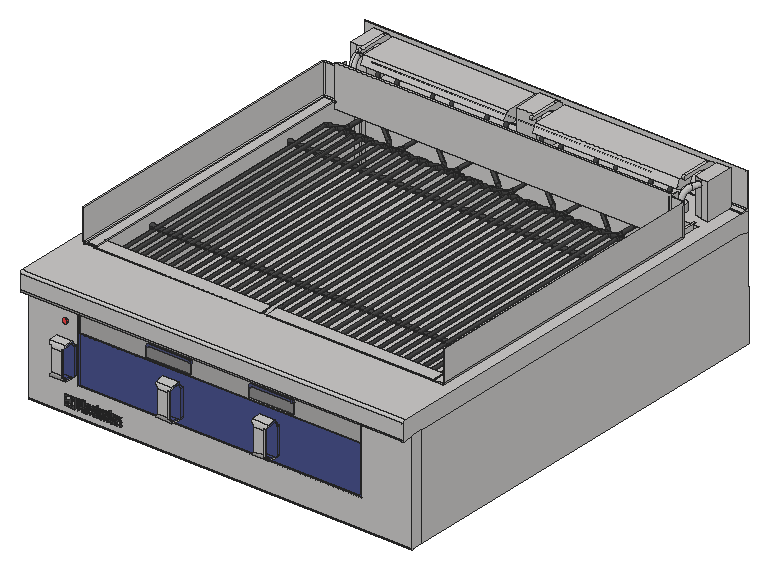
Revit family "QF_ELECTROLUXPROFESSIONAL_589287_MCDEABHOIO", category Specialty Equipment, Revit 2018 (continued)
Automatic sketch dimensions
  plane 3 "LEFT" to Extrusion 5 sketch curve = 26.557 mm
  Extrusion 5 sketch curve to plane 15 "EI_y" = 17.443 mm
  Extrusion 5 sketch curve to plane 9 "Grill" = 31.166 mm
  plane 6 "PLAIN" to Extrusion 5 sketch curve = 5 mm
  Extrusion 6 sketch curve to plane 10 "MontanteBack" = 21.067 mm
  Extrusion 6 sketch curve to plane 13 "TOP" = 19.001 mm
  Sweep 7 sketch curve to plane 12 "BASE" = 0 mm
  plane 4 "RIGHT" to Sweep 7 sketch curve = 2 mm
  plane 3 "LEFT" to Sweep 7 sketch curve = 2 mm
  Sweep 7 sketch curve to plane 9 "Grill" = 25.031 mm
  Sweep 7 sketch curve to plane 9 "Grill" = 25 mm
  Sweep 7 sketch curve to profile plane = 0 mm
  Sweep 7 sketch curve to profile plane = 24.981 mm
  Sweep 7 sketch curve to Sweep 7 sketch curve = 2.981 mm
  Sweep 7 sketch curve to profile plane = 3 mm
  profile plane to Sweep 7 sketch curve = 22 mm
  Sweep 7 sketch curve to Sweep 7 sketch curve = 3.019 mm
  Sweep 7 sketch curve to Sweep 7 sketch curve = 22 mm  (x2)
  plane 15 "EI_y" to Extrusion 8 sketch curve = 3.348 mm
  plane 14 "EI_x" to Extrusion 8 sketch curve = 79 mm
  plane 14 "EI_x" to Extrusion 8 sketch curve = 74.991 mm
  plane 3 "LEFT" to Extrusion 8 sketch curve = 26.557 mm
  plane 10 "MontanteBack" to Extrusion 8 sketch curve = 71.621 mm  (x2)
  Extrusion 8 sketch curve to plane 15 "EI_y" = 16.548 mm
  Extrusion 8 sketch curve to Extrusion 8 sketch curve = 0.895 mm  (x2)
  Extrusion 8 sketch curve to Extrusion 8 sketch curve = 19.896 mm
  Extrusion 9 sketch curve to plane 9 "Grill" = 10.268 mm  (x2)
  Extrusion 9 sketch curve to plane 14 "EI_x" = 67.414 mm
  plane 10 "MontanteBack" to Extrusion 9 sketch curve = 187.586 mm
  Extrusion 10 sketch curve to plane 1 "BACK" = 0 mm  (x2)
  Extrusion 10 sketch curve to plane 12 "BASE" = 0 mm
  plane 1 "BACK" to Extrusion 10 sketch curve = 4 mm
  Extrusion 10 sketch curve to Extrusion 10 sketch curve = 0.695 mm
  Extrusion 10 sketch curve to Extrusion 10 sketch curve = 16.495 mm
  Extrusion 10 sketch curve to plane 5 "FRONT" = 46 mm
  Extrusion 10 sketch curve to plane 9 "Grill" = 27.939 mm
  Extrusion 10 sketch curve to Extrusion 10 sketch curve = 2.909 mm
  Extrusion 10 sketch curve to Extrusion 10 sketch curve = 0 mm
  Extrusion 11 sketch curve to plane 12 "BASE" = 0 mm
  Extrusion 11 sketch curve to plane 1 "BACK" = 0 mm  (x2)
  Extrusion 11 sketch curve to Extrusion 11 sketch curve = 2 mm  (x2)
  Extrusion 11 sketch curve to plane 9 "Grill" = 27.464 mm
  Extrusion 11 sketch curve to Extrusion 11 sketch curve = 0 mm
  Extrusion 12 sketch curve to plane 12 "BASE" = 0 mm
  Extrusion 12 sketch curve to plane 1 "BACK" = 0 mm  (x2)
  plane 1 "BACK" to Extrusion 12 sketch curve = 4 mm
  Extrusion 12 sketch curve to Extrusion 12 sketch curve = 0.695 mm
  Extrusion 12 sketch curve to Extrusion 12 sketch curve = 16.495 mm
  Extrusion 12 sketch curve to plane 5 "FRONT" = 46 mm
  Extrusion 12 sketch curve to plane 9 "Grill" = 27.939 mm
  Extrusion 12 sketch curve to Extrusion 12 sketch curve = 2.909 mm
  Extrusion 12 sketch curve to Extrusion 12 sketch curve = 0 mm
  plane 10 "MontanteBack" to Extrusion 13 sketch curve = 1.433 mm
  Extrusion 13 sketch curve to plane 10 "MontanteBack" = 3.46 mm
  plane 1 "BACK" to Extrusion 13 sketch curve = 11.433 mm
  plane 3 "LEFT" to Extrusion 13 sketch curve = 56.495 mm
  Extrusion 13 sketch curve to Extrusion 13 sketch curve = 16.004 mm
  plane 3 "LEFT" to Extrusion 13 sketch curve = 26.495 mm
  Extrusion 14 sketch curve to plane 13 "TOP" = 0 mm
  Extrusion 14 sketch curve to plane 13 "TOP" = 14.774 mm
  plane 10 "MontanteBack" to Extrusion 14 sketch curve = 30 mm
  Extrusion 14 sketch curve to Extrusion 14 sketch curve = 8.529 mm
  plane 10 "MontanteBack" to Extrusion 14 sketch curve = 9.471 mm
  plane 1 "BACK" to Extrusion 14 sketch curve = 33.395 mm
  plane 1 "BACK" to Extrusion 14 sketch curve = 16.433 mm
  Extrusion 14 sketch curve to Extrusion 14 sketch curve = 16.833 mm
  Extrusion 15 sketch curve to Extrusion 15 sketch curve = 0 mm  (x28)
  plane 3 "LEFT" to Extrusion 15 sketch curve = 77.595 mm
  Extrusion 15 sketch curve to Extrusion 15 sketch curve = 0.739 mm
  Extrusion 15 sketch curve to Extrusion 15 sketch curve = 3.518 mm  (x2)
  Extrusion 15 sketch curve to Extrusion 15 sketch curve = 3.22 mm
  Extrusion 15 sketch curve to Extrusion 15 sketch curve = 6.738 mm
  Extrusion 15 sketch curve to Extrusion 15 sketch curve = 0.042 mm
  Extrusion 15 sketch curve to Extrusion 15 sketch curve = 0.215 mm
  Extrusion 15 sketch curve to Extrusion 15 sketch curve = 9.216 mm
  Extrusion 15 sketch curve to Extrusion 15 sketch curve = 2.037 mm
  Extrusion 15 sketch curve to Extrusion 15 sketch curve = 0.99 mm
  Extrusion 15 sketch curve to Extrusion 15 sketch curve = 7.939 mm
  Extrusion 15 sketch curve to Extrusion 15 sketch curve = 5.283 mm
  Extrusion 15 sketch curve to Extrusion 15 sketch curve = 5.807 mm
  Extrusion 15 sketch curve to Extrusion 15 sketch curve = 1.023 mm  (x7)
  Extrusion 15 sketch curve to Extrusion 15 sketch curve = 0.853 mm
  Extrusion 15 sketch curve to Extrusion 15 sketch curve = 0.041 mm  (x2)
  Extrusion 15 sketch curve to Extrusion 15 sketch curve = 2.477 mm
  Extrusion 15 sketch curve to Extrusion 15 sketch curve = 2.478 mm  (x2)
  plane 12 "BASE" to Extrusion 15 sketch curve = 25.026 mm
  Extrusion 15 sketch curve to Extrusion 15 sketch curve = 2.138 mm
  plane 12 "BASE" to Extrusion 15 sketch curve = 24.956 mm
  Extrusion 15 sketch curve to Extrusion 15 sketch curve = 0.973 mm
  plane 12 "BASE" to Extrusion 15 sketch curve = 27.285 mm
  Extrusion 15 sketch curve to Extrusion 15 sketch curve = 0.021 mm
  Extrusion 15 sketch curve to Extrusion 15 sketch curve = 2.746 mm
  Extrusion 15 sketch curve to Extrusion 15 sketch curve = 4.005 mm
  Extrusion 15 sketch curve to Extrusion 15 sketch curve = 0.386 mm
  plane 12 "BASE" to Extrusion 15 sketch curve = 19.343 mm
  Extrusion 15 sketch curve to Extrusion 15 sketch curve = 0.781 mm
  Extrusion 15 sketch curve to Extrusion 15 sketch curve = 0.558 mm
  Extrusion 15 sketch curve to Extrusion 15 sketch curve = 0.839 mm
  Extrusion 15 sketch curve to Extrusion 15 sketch curve = 0.069 mm
  Extrusion 15 sketch curve to Extrusion 15 sketch curve = 0.09 mm
  Extrusion 15 sketch curve to Extrusion 15 sketch curve = 0.106 mm  (x2)
  plane 12 "BASE" to Extrusion 15 sketch curve = 19.677 mm
  Extrusion 15 sketch curve to Extrusion 15 sketch curve = 0.948 mm
  plane 12 "BASE" to Extrusion 15 sketch curve = 17.711 mm  (x5)
  Extrusion 15 sketch curve to Extrusion 15 sketch curve = 1.762 mm
  Extrusion 15 sketch curve to Extrusion 15 sketch curve = 1.933 mm
  Extrusion 15 sketch curve to Extrusion 15 sketch curve = 1.161 mm
  plane 12 "BASE" to Extrusion 15 sketch curve = 30.131 mm
  Extrusion 15 sketch curve to Extrusion 15 sketch curve = 4.066 mm
  Extrusion 15 sketch curve to Extrusion 15 sketch curve = 2.511 mm
  plane 12 "BASE" to Extrusion 15 sketch curve = 31.294 mm
  Extrusion 15 sketch curve to Extrusion 15 sketch curve = 0.062 mm  (x3)
  Extrusion 15 sketch curve to Extrusion 15 sketch curve = 4.223 mm
  plane 12 "BASE" to Extrusion 15 sketch curve = 33.576 mm
  Extrusion 15 sketch curve to Extrusion 15 sketch curve = 2.946 mm  (x2)
  plane 12 "BASE" to Extrusion 15 sketch curve = 35.692 mm
  plane 12 "BASE" to Extrusion 15 sketch curve = 24.696 mm
  plane 12 "BASE" to Extrusion 15 sketch curve = 26.812 mm
  Extrusion 15 sketch curve to Extrusion 15 sketch curve = 0.083 mm
  Extrusion 15 sketch curve to Extrusion 15 sketch curve = 2.635 mm
  plane 12 "BASE" to Extrusion 15 sketch curve = 28.016 mm
  Extrusion 15 sketch curve to Extrusion 15 sketch curve = 2.822 mm
  Extrusion 15 sketch curve to Extrusion 15 sketch curve = 6.865 mm  (x2)
  plane 12 "BASE" to Extrusion 15 sketch curve = 26.563 mm
  Extrusion 15 sketch curve to Extrusion 15 sketch curve = 1.494 mm  (x2)
  plane 12 "BASE" to Extrusion 15 sketch curve = 29.551 mm
  Extrusion 15 sketch curve to Extrusion 15 sketch curve = 2.158 mm
  plane 12 "BASE" to Extrusion 15 sketch curve = 30.422 mm
  plane 12 "BASE" to Extrusion 15 sketch curve = 30.194 mm  (x2)
  Extrusion 15 sketch curve to Extrusion 15 sketch curve = 1.28 mm
  Extrusion 15 sketch curve to Extrusion 15 sketch curve = 1.873 mm
  Extrusion 15 sketch curve to Extrusion 15 sketch curve = 0.18 mm
  Extrusion 15 sketch curve to Extrusion 15 sketch curve = 2.469 mm
  Extrusion 15 sketch curve to Extrusion 15 sketch curve = 4.222 mm
  plane 12 "BASE" to Extrusion 15 sketch curve = 26.916 mm
  Extrusion 15 sketch curve to Extrusion 15 sketch curve = 0.851 mm  (x2)
  plane 12 "BASE" to Extrusion 15 sketch curve = 35.734 mm
  Extrusion 15 sketch curve to Extrusion 15 sketch curve = 3.216 mm
  plane 12 "BASE" to Extrusion 15 sketch curve = 33.472 mm
  plane 12 "BASE" to Extrusion 15 sketch curve = 24.654 mm
  Extrusion 15 sketch curve to Extrusion 15 sketch curve = 0.569 mm
  Extrusion 15 sketch curve to Extrusion 15 sketch curve = 0.206 mm  (x2)
  Extrusion 15 sketch curve to Extrusion 15 sketch curve = 1.215 mm
  Extrusion 15 sketch curve to Extrusion 15 sketch curve = 0.138 mm
  Extrusion 15 sketch curve to Extrusion 15 sketch curve = 1.402 mm
  plane 12 "BASE" to Extrusion 15 sketch curve = 28.057 mm
  Extrusion 15 sketch curve to Extrusion 15 sketch curve = 2.656 mm  (x2)
  plane 12 "BASE" to Extrusion 15 sketch curve = 32.331 mm
  plane 12 "BASE" to Extrusion 15 sketch curve = 33.929 mm
  Extrusion 15 sketch curve to Extrusion 15 sketch curve = 1.535 mm  (x2)
  plane 12 "BASE" to Extrusion 15 sketch curve = 26.46 mm
  Extrusion 15 sketch curve to Extrusion 15 sketch curve = 2.417 mm
  Extrusion 15 sketch curve to Extrusion 15 sketch curve = 1.543 mm
  Extrusion 15 sketch curve to Extrusion 15 sketch curve = 1.389 mm  (x2)
  plane 12 "BASE" to Extrusion 15 sketch curve = 18.839 mm  (x2)
  Extrusion 15 sketch curve to Extrusion 15 sketch curve = 0.126 mm  (x2)
  plane 12 "BASE" to Extrusion 15 sketch curve = 19.329 mm  (x2)
  Extrusion 15 sketch curve to Extrusion 15 sketch curve = 0.782 mm  (x3)
  Extrusion 15 sketch curve to Extrusion 15 sketch curve = 0.58 mm  (x2)
  Extrusion 15 sketch curve to Extrusion 15 sketch curve = 0.975 mm  (x2)
  Extrusion 15 sketch curve to Extrusion 15 sketch curve = 0.016 mm  (x2)
  Extrusion 15 sketch curve to Extrusion 15 sketch curve = 0.427 mm  (x2)
  Extrusion 15 sketch curve to Extrusion 15 sketch curve = 0.009 mm  (x6)
  Extrusion 15 sketch curve to Extrusion 15 sketch curve = 0.094 mm  (x2)
  plane 12 "BASE" to Extrusion 15 sketch curve = 29.439 mm
  Extrusion 15 sketch curve to Extrusion 15 sketch curve = 2.475 mm
  Extrusion 15 sketch curve to Extrusion 15 sketch curve = 0.003 mm
  Extrusion 15 sketch curve to Extrusion 15 sketch curve = 0.093 mm  (x2)
  Extrusion 15 sketch curve to Extrusion 15 sketch curve = 0.13 mm  (x2)
  Extrusion 15 sketch curve to Extrusion 15 sketch curve = 0.007 mm  (x2)
  Extrusion 15 sketch curve to Extrusion 15 sketch curve = 0.045 mm  (x2)
  Extrusion 15 sketch curve to Extrusion 15 sketch curve = 0.305 mm  (x2)
  Extrusion 15 sketch curve to Extrusion 15 sketch curve = 0.12 mm  (x2)
  Extrusion 15 sketch curve to Extrusion 15 sketch curve = 0.209 mm  (x2)
  Extrusion 15 sketch curve to Extrusion 15 sketch curve = 0.236 mm  (x2)
  plane 12 "BASE" to Extrusion 15 sketch curve = 21.383 mm  (x2)
  Extrusion 15 sketch curve to Extrusion 15 sketch curve = 0.432 mm  (x2)
  plane 12 "BASE" to Extrusion 15 sketch curve = 25 mm
  Extrusion 15 sketch curve to Extrusion 15 sketch curve = 1.08 mm
  plane 12 "BASE" to Extrusion 15 sketch curve = 21.887 mm  (x2)
  Extrusion 15 sketch curve to Extrusion 15 sketch curve = 0.735 mm  (x2)
  Extrusion 15 sketch curve to Extrusion 15 sketch curve = 2.254 mm
  plane 12 "BASE" to Extrusion 15 sketch curve = 24.953 mm  (x2)
  Extrusion 15 sketch curve to Extrusion 15 sketch curve = 1.046 mm
  plane 12 "BASE" to Extrusion 15 sketch curve = 27.282 mm
  Extrusion 15 sketch curve to Extrusion 15 sketch curve = 6.129 mm
  Extrusion 15 sketch curve to Extrusion 15 sketch curve = 2.048 mm
  plane 12 "BASE" to Extrusion 15 sketch curve = 33.815 mm
  Extrusion 15 sketch curve to Extrusion 15 sketch curve = 2.458 mm  (x3)
  plane 12 "BASE" to Extrusion 15 sketch curve = 33.215 mm
  Extrusion 15 sketch curve to Extrusion 15 sketch curve = 2.809 mm
  Extrusion 15 sketch curve to Extrusion 15 sketch curve = 1.033 mm
  plane 12 "BASE" to Extrusion 15 sketch curve = 30.158 mm  (x4)
  Extrusion 15 sketch curve to Extrusion 15 sketch curve = 0.379 mm
  Extrusion 15 sketch curve to Extrusion 15 sketch curve = 2.459 mm
  Extrusion 15 sketch curve to Extrusion 15 sketch curve = 4.456 mm
  plane 12 "BASE" to Extrusion 15 sketch curve = 35.672 mm
  Extrusion 15 sketch curve to Extrusion 15 sketch curve = 6.06 mm
  plane 12 "BASE" to Extrusion 15 sketch curve = 26.894 mm
  Extrusion 15 sketch curve to Extrusion 15 sketch curve = 3.222 mm
  plane 12 "BASE" to Extrusion 15 sketch curve = 33.421 mm
  plane 12 "BASE" to Extrusion 15 sketch curve = 24.643 mm
  Extrusion 15 sketch curve to Extrusion 15 sketch curve = 3.221 mm
  Extrusion 15 sketch curve to Extrusion 15 sketch curve = 4.766 mm
  Extrusion 15 sketch curve to Extrusion 15 sketch curve = 1.524 mm
  Extrusion 15 sketch curve to Extrusion 15 sketch curve = 2.48 mm
  Extrusion 15 sketch curve to Extrusion 15 sketch curve = 1.895 mm
  Extrusion 15 sketch curve to Extrusion 15 sketch curve = 0.995 mm  (x2)
  plane 12 "BASE" to Extrusion 15 sketch curve = 20.84 mm
  Extrusion 15 sketch curve to Extrusion 15 sketch curve = 0.039 mm  (x2)
  Extrusion 15 sketch curve to Extrusion 15 sketch curve = 2.499 mm
  Extrusion 15 sketch curve to Extrusion 15 sketch curve = 2.276 mm
  plane 12 "BASE" to Extrusion 15 sketch curve = 24.684 mm
  Extrusion 15 sketch curve to Extrusion 15 sketch curve = 0.393 mm  (x3)
  plane 12 "BASE" to Extrusion 15 sketch curve = 26.956 mm
  Extrusion 15 sketch curve to Extrusion 15 sketch curve = 0.02 mm
  plane 12 "BASE" to Extrusion 15 sketch curve = 29.311 mm
  Extrusion 15 sketch curve to Extrusion 15 sketch curve = 2.273 mm
  Extrusion 15 sketch curve to Extrusion 15 sketch curve = 4.061 mm
  Extrusion 15 sketch curve to Extrusion 15 sketch curve = 1.099 mm
  Extrusion 15 sketch curve to Extrusion 15 sketch curve = 2.498 mm
  Extrusion 15 sketch curve to Extrusion 15 sketch curve = 0.485 mm  (x2)
  plane 12 "BASE" to Extrusion 15 sketch curve = 19.806 mm
  Extrusion 15 sketch curve to Extrusion 15 sketch curve = 0.459 mm  (x4)
  Extrusion 15 sketch curve to Extrusion 15 sketch curve = 1.143 mm
  plane 12 "BASE" to Extrusion 15 sketch curve = 22.688 mm
  Extrusion 15 sketch curve to Extrusion 15 sketch curve = 0.238 mm
  plane 12 "BASE" to Extrusion 15 sketch curve = 20.827 mm
  Extrusion 15 sketch curve to Extrusion 15 sketch curve = 0.462 mm
  plane 12 "BASE" to Extrusion 15 sketch curve = 35.363 mm  (x2)
  Extrusion 15 sketch curve to Extrusion 15 sketch curve = 0.922 mm
  plane 12 "BASE" to Extrusion 15 sketch curve = 18.785 mm
  plane 12 "BASE" to Extrusion 15 sketch curve = 27.449 mm
  Extrusion 15 sketch curve to Extrusion 15 sketch curve = 1.792 mm
  plane 12 "BASE" to Extrusion 15 sketch curve = 33.256 mm
  Extrusion 15 sketch curve to Extrusion 15 sketch curve = 1.54 mm
  Extrusion 15 sketch curve to Extrusion 15 sketch curve = 0.872 mm
  Extrusion 15 sketch curve to Extrusion 15 sketch curve = 1.1 mm
  Extrusion 15 sketch curve to Extrusion 15 sketch curve = 1.145 mm
  plane 12 "BASE" to Extrusion 15 sketch curve = 30.447 mm
  Extrusion 15 sketch curve to Extrusion 15 sketch curve = 2.054 mm
  plane 12 "BASE" to Extrusion 15 sketch curve = 28.63 mm
  Extrusion 15 sketch curve to Extrusion 15 sketch curve = 1.363 mm  (x2)
  plane 12 "BASE" to Extrusion 15 sketch curve = 32.244 mm
  plane 12 "BASE" to Extrusion 15 sketch curve = 30.467 mm
  Extrusion 15 sketch curve to Extrusion 15 sketch curve = 1.364 mm
  Extrusion 15 sketch curve to Extrusion 15 sketch curve = 4.137 mm
  Extrusion 15 sketch curve to Extrusion 15 sketch curve = 2.252 mm  (x2)
  Extrusion 15 sketch curve to Extrusion 15 sketch curve = 0.127 mm
  plane 12 "BASE" to Extrusion 15 sketch curve = 28.282 mm
  Extrusion 15 sketch curve to Extrusion 15 sketch curve = 1.563 mm
  plane 12 "BASE" to Extrusion 15 sketch curve = 33.104 mm
  Extrusion 15 sketch curve to Extrusion 15 sketch curve = 1.048 mm
  Extrusion 15 sketch curve to Extrusion 15 sketch curve = 1.914 mm
  Extrusion 15 sketch curve to Extrusion 15 sketch curve = 2.706 mm
  Extrusion 15 sketch curve to Extrusion 15 sketch curve = 2.664 mm
  Extrusion 15 sketch curve to Extrusion 15 sketch curve = 7.314 mm
  Extrusion 15 sketch curve to Extrusion 15 sketch curve = 1.632 mm
  Extrusion 15 sketch curve to Extrusion 15 sketch curve = 3.648 mm  (x2)
  Extrusion 15 sketch curve to Extrusion 15 sketch curve = 3.598 mm  (x2)
  Extrusion 15 sketch curve to Extrusion 15 sketch curve = 4.176 mm
  Extrusion 15 sketch curve to Extrusion 15 sketch curve = 1.127 mm
  Extrusion 15 sketch curve to Extrusion 15 sketch curve = 3.129 mm
  Extrusion 15 sketch curve to Extrusion 15 sketch curve = 0.787 mm
  Extrusion 15 sketch curve to Extrusion 15 sketch curve = 0.856 mm
  Extrusion 15 sketch curve to Extrusion 15 sketch curve = 0.934 mm
  Extrusion 15 sketch curve to Extrusion 15 sketch curve = 0.941 mm  (x3)
  Extrusion 15 sketch curve to Extrusion 15 sketch curve = 0.537 mm  (x2)
  Extrusion 15 sketch curve to Extrusion 15 sketch curve = 0.25 mm
  Extrusion 15 sketch curve to Extrusion 15 sketch curve = 0.311 mm  (x2)
  Extrusion 15 sketch curve to Extrusion 15 sketch curve = 0.031 mm
  Extrusion 15 sketch curve to Extrusion 15 sketch curve = 1.686 mm
  Extrusion 15 sketch curve to Extrusion 15 sketch curve = 0.082 mm
  Extrusion 15 sketch curve to Extrusion 15 sketch curve = 1.753 mm
  Extrusion 15 sketch curve to Extrusion 15 sketch curve = 0.014 mm  (x2)
  Extrusion 15 sketch curve to Extrusion 15 sketch curve = 0.109 mm  (x2)
  Extrusion 15 sketch curve to Extrusion 15 sketch curve = 0.018 mm  (x2)
  Extrusion 15 sketch curve to Extrusion 15 sketch curve = 2.046 mm
  Extrusion 15 sketch curve to Extrusion 15 sketch curve = 0.827 mm
  Extrusion 15 sketch curve to Extrusion 15 sketch curve = 4.496 mm
  Extrusion 15 sketch curve to Extrusion 15 sketch curve = 4.443 mm
  Extrusion 15 sketch curve to Extrusion 15 sketch curve = 1.66 mm
  Extrusion 15 sketch curve to Extrusion 15 sketch curve = 0.631 mm  (x2)
  Extrusion 15 sketch curve to Extrusion 15 sketch curve = 1.016 mm
  Extrusion 15 sketch curve to Extrusion 15 sketch curve = 0.313 mm  (x2)
  Extrusion 15 sketch curve to Extrusion 15 sketch curve = 0.94 mm  (x3)
  Extrusion 15 sketch curve to Extrusion 15 sketch curve = 0.163 mm  (x2)
  Extrusion 15 sketch curve to Extrusion 15 sketch curve = 0.192 mm  (x2)
  Extrusion 15 sketch curve to Extrusion 15 sketch curve = 0.704 mm
  Extrusion 15 sketch curve to Extrusion 15 sketch curve = 0.686 mm
  Extrusion 15 sketch curve to Extrusion 15 sketch curve = 0.002 mm
  Extrusion 15 sketch curve to Extrusion 15 sketch curve = 0.077 mm  (x2)
  Extrusion 15 sketch curve to Extrusion 15 sketch curve = 0.164 mm  (x2)
  Extrusion 15 sketch curve to Extrusion 15 sketch curve = 0.865 mm
  Extrusion 15 sketch curve to Extrusion 15 sketch curve = 1.05 mm
  Extrusion 15 sketch curve to Extrusion 15 sketch curve = 0.337 mm  (x2)
  Extrusion 15 sketch curve to Extrusion 15 sketch curve = 4.036 mm
  Extrusion 15 sketch curve to Extrusion 15 sketch curve = 1.996 mm
  Extrusion 15 sketch curve to Extrusion 15 sketch curve = 1.955 mm
  Extrusion 15 sketch curve to Extrusion 15 sketch curve = 1.847 mm
  Extrusion 15 sketch curve to Extrusion 15 sketch curve = 2.265 mm  (x2)
  Extrusion 15 sketch curve to Extrusion 15 sketch curve = 0.004 mm  (x2)
  Extrusion 15 sketch curve to Extrusion 15 sketch curve = 0.132 mm
  Extrusion 15 sketch curve to Extrusion 15 sketch curve = 0.034 mm
  Extrusion 15 sketch curve to Extrusion 15 sketch curve = 4.131 mm
  Extrusion 15 sketch curve to Extrusion 15 sketch curve = 1.129 mm
  Extrusion 15 sketch curve to Extrusion 15 sketch curve = 0.166 mm
  Extrusion 15 sketch curve to Extrusion 15 sketch curve = 0.141 mm
  Extrusion 15 sketch curve to Extrusion 15 sketch curve = 2.155 mm
  Extrusion 15 sketch curve to Extrusion 15 sketch curve = 3.388 mm
  Extrusion 15 sketch curve to Extrusion 15 sketch curve = 1.833 mm
  Extrusion 15 sketch curve to Extrusion 15 sketch curve = 1.273 mm
  Extrusion 15 sketch curve to Extrusion 15 sketch curve = 2.637 mm
  Extrusion 15 sketch curve to Extrusion 15 sketch curve = 0.103 mm
  Extrusion 15 sketch curve to Extrusion 15 sketch curve = 3.672 mm
  Extrusion 15 sketch curve to Extrusion 15 sketch curve = 2.338 mm
  Extrusion 15 sketch curve to Extrusion 15 sketch curve = 1.548 mm
  Extrusion 15 sketch curve to Extrusion 15 sketch curve = 6.073 mm
  Extrusion 15 sketch curve to Extrusion 15 sketch curve = 2.396 mm
  Extrusion 15 sketch curve to Extrusion 15 sketch curve = 1.409 mm
  Extrusion 15 sketch curve to Extrusion 15 sketch curve = 3.403 mm
  Extrusion 15 sketch curve to Extrusion 15 sketch curve = 0.89 mm
  Extrusion 15 sketch curve to Extrusion 15 sketch curve = 2.331 mm
  Extrusion 15 sketch curve to Extrusion 15 sketch curve = 3.986 mm
  Extrusion 15 sketch curve to Extrusion 15 sketch curve = 3.987 mm
  Extrusion 15 sketch curve to Extrusion 15 sketch curve = 1.009 mm  (x2)
  Extrusion 15 sketch curve to Extrusion 15 sketch curve = 0.125 mm  (x2)
  Extrusion 15 sketch curve to Extrusion 15 sketch curve = 0.522 mm  (x2)
  Extrusion 15 sketch curve to Extrusion 15 sketch curve = 0.257 mm  (x2)
  Extrusion 15 sketch curve to Extrusion 15 sketch curve = 0.286 mm  (x2)
  Extrusion 15 sketch curve to Extrusion 15 sketch curve = 0.278 mm  (x2)
  Extrusion 15 sketch curve to Extrusion 15 sketch curve = 0.822 mm  (x2)
  Extrusion 15 sketch curve to Extrusion 15 sketch curve = 0.835 mm  (x2)
  Sweep 16 sketch curve to plane 13 "TOP" = 30.001 mm
  Sweep 16 sketch curve to plane 13 "TOP" = 11.001 mm
  Sweep 16 sketch curve to Sweep 16 sketch curve = 18 mm
  Sweep 16 sketch curve to Sweep 16 sketch curve = 4 mm
  plane 11 "SCARICO" to Sweep 16 sketch curve = 0 mm
  Sweep 16 sketch curve to profile plane = 0 mm
  Sweep 17 sketch curve to plane 13 "TOP" = 34.001 mm
  Sweep 17 sketch curve to Sweep 17 sketch curve = 13.5 mm
  plane 11 "SCARICO" to Sweep 17 sketch curve = 0 mm
  Sweep 17 sketch curve to profile plane = 0 mm
  plane 6 "PLAIN" to Extrusion 18 sketch curve = 1.152 mm
  plane 3 "LEFT" to Extrusion 18 sketch curve = 45 mm
  Extrusion 18 sketch curve to plane 7 "Center (Left/Right)" = 6.399 mm
  plane 12 "BASE" to Extrusion 18 sketch curve = 250 mm
  Extrusion 19 sketch curve to plane 6 "PLAIN" = 0 mm
  plane 3 "LEFT" to Extrusion 19 sketch curve = 81 mm
  plane 7 "Center (Left/Right)" to Extrusion 19 sketch curve = 19 mm
  plane 12 "BASE" to Extrusion 19 sketch curve = 110 mm
  Extrusion 20 sketch curve to plane 6 "PLAIN" = 0 mm
  plane 3 "LEFT" to Extrusion 20 sketch curve = 81 mm
  plane 15 "EI_y" to Extrusion 20 sketch curve = 17.557 mm
  plane 12 "BASE" to Extrusion 20 sketch curve = 110 mm
  plane 15 "EI_y" to Extrusion 21 sketch curve = 12.238 mm
  plane 10 "MontanteBack" to Extrusion 21 sketch curve = 65.726 mm
  Extrusion 21 sketch curve to Extrusion 21 sketch curve = 2.105 mm  (x2)
  plane 15 "EI_y" to Extrusion 21 sketch curve = 5.452 mm
  plane 3 "LEFT" to Extrusion 21 sketch curve = 56.238 mm
  Extrusion 21 sketch curve to Extrusion 21 sketch curve = 6.786 mm
  Extrusion 21 sketch curve to Extrusion 21 sketch curve = 0 mm  (x2)
  plane 16 to Extrusion 22 sketch curve = 0 mm
  Extrusion 22 sketch curve to plane 9 "Grill" = 0 mm  (x2)
  plane 10 "MontanteBack" to Extrusion 22 sketch curve = 99.724 mm
  Extrusion 22 sketch curve to Extrusion 22 sketch curve = 3.1 mm  (x2)
  Extrusion 22 sketch curve to Extrusion 22 sketch curve = 32.302 mm
  Extrusion 22 sketch curve to Extrusion 22 sketch curve = 4.65 mm  (x2)
  Extrusion 22 sketch curve to Extrusion 22 sketch curve = 507.382 mm
  Extrusion 22 sketch curve to Extrusion 22 sketch curve = 41.464 mm
  Extrusion 22 sketch curve to Extrusion 22 sketch curve = 2.45 mm
  Extrusion 22 sketch curve to Extrusion 22 sketch curve = 4.244 mm
  Extrusion 22 sketch curve to Extrusion 22 sketch curve = 5.369 mm  (x2)
  Extrusion 22 sketch curve to Extrusion 22 sketch curve = 41.167 mm
  Extrusion 22 sketch curve to Extrusion 22 sketch curve = 5.502 mm
  Extrusion 22 sketch curve to Extrusion 22 sketch curve = 4.788 mm
  Extrusion 22 sketch curve to Extrusion 22 sketch curve = 106.667 mm
  Extrusion 22 sketch curve to Extrusion 22 sketch curve = 87.573 mm
  Extrusion 22 sketch curve to Extrusion 22 sketch curve = 1.306 mm
  Extrusion 22 sketch curve to Extrusion 22 sketch curve = 8.054 mm
  Extrusion 22 sketch curve to Extrusion 22 sketch curve = 9.3 mm
  Extrusion 22 sketch curve to Extrusion 22 sketch curve = 39.063 mm
  Extrusion 22 sketch curve to Extrusion 22 sketch curve = 2.871 mm
  Extrusion 23 sketch curve to plane 13 "TOP" = 0 mm  (x2)
  Extrusion 23 sketch curve to plane 10 "MontanteBack" = 4.508 mm
  plane 13 "TOP" to Extrusion 23 sketch curve = 32.592 mm
  Extrusion 23 sketch curve to Extrusion 23 sketch curve = 23.633 mm
  Extrusion 23 sketch curve to Extrusion 23 sketch curve = 27.957 mm
  plane 13 "TOP" to Extrusion 24 sketch curve = 7.313 mm
  plane 10 "MontanteBack" to Extrusion 24 sketch curve = 18.546 mm
  plane 13 "TOP" to Extrusion 24 sketch curve = 1.313 mm
  Extrusion 24 sketch curve to plane 10 "MontanteBack" = 20.263 mm
  Extrusion 24 sketch curve to Extrusion 24 sketch curve = 18.304 mm
  Extrusion 24 sketch curve to plane 13 "TOP" = 7.687 mm
  Extrusion 24 sketch curve to Extrusion 24 sketch curve = 20.771 mm
  Extrusion 24 sketch curve to Extrusion 24 sketch curve = 4.193 mm
  Extrusion 24 sketch curve to Extrusion 24 sketch curve = 7.322 mm
  Extrusion 24 sketch curve to plane 13 "TOP" = 4.569 mm
  plane 1 "BACK" to Extrusion 24 sketch curve = 11.433 mm
  Extrusion 24 sketch curve to Extrusion 24 sketch curve = 13.461 mm
  Extrusion 24 sketch curve to plane 13 "TOP" = 19.001 mm
  Extrusion 24 sketch curve to Extrusion 24 sketch curve = 23.999 mm
  Extrusion 24 sketch curve to Extrusion 24 sketch curve = 8.568 mm
  Extrusion 24 sketch curve to Extrusion 24 sketch curve = 9.081 mm
  Extrusion 24 sketch curve to Extrusion 24 sketch curve = 1.291 mm
  Extrusion 26 sketch curve to Extrusion 26 sketch curve = 0 mm  (x2)
  plane 10 "MontanteBack" to Extrusion 26 sketch curve = 93.701 mm
  plane 15 "EI_y" to Extrusion 26 sketch curve = 101 mm
  plane 10 "MontanteBack" to Extrusion 27 sketch curve = 93.701 mm
  plane 15 "EI_y" to Extrusion 27 sketch curve = 101 mm
  plane 10 "MontanteBack" to Extrusion 28 sketch curve = 93.701 mm
  plane 15 "EI_y" to Extrusion 28 sketch curve = 101 mm
  plane 14 "EI_x" to Extrusion 29 sketch curve = 47.818 mm
  plane 3 "LEFT" to Extrusion 29 sketch curve = 86.446 mm
  plane 14 "EI_x" to Extrusion 30 sketch curve = 47.818 mm
  plane 3 "LEFT" to Extrusion 30 sketch curve = 86.446 mm
  plane 14 "EI_x" to Extrusion 31 sketch curve = 0 mm
  Extrusion 31 sketch curve to plane 15 "EI_y" = 0 mm
  Extrusion 32 sketch curve to Extrusion 32 sketch curve = 0 mm  (x2)
  Extrusion 32 sketch curve to plane 6 "PLAIN" = 0 mm
  Extrusion 32 sketch curve to plane 13 "TOP" = 0 mm
  Extrusion 32 sketch curve to plane 1 "BACK" = 0 mm
  Extrusion 32 sketch curve to Extrusion 32 sketch curve = 2 mm
  plane 1 "BACK" to Extrusion 32 sketch curve = 4 mm
  Extrusion 32 sketch curve to Extrusion 32 sketch curve = 12.433 mm
  Extrusion 33 sketch curve to plane 14 "EI_x" = 15 mm
  plane 15 "EI_y" to Extrusion 33 sketch curve = 157 mm
  plane 15 "EI_y" to Extrusion 34 sketch curve = 11 mm
  Extrusion 34 sketch curve to plane 8 "Center (Front/Back)" = 73 mm
  Extrusion 35 sketch curve to plane 13 "TOP" = 0 mm
  Extrusion 35 sketch curve to plane 13 "TOP" = 14.774 mm
  plane 10 "MontanteBack" to Extrusion 35 sketch curve = 30 mm
  Extrusion 35 sketch curve to Extrusion 35 sketch curve = 8.529 mm
  plane 10 "MontanteBack" to Extrusion 35 sketch curve = 9.471 mm
  plane 1 "BACK" to Extrusion 35 sketch curve = 33.395 mm
  plane 1 "BACK" to Extrusion 35 sketch curve = 16.433 mm
  Extrusion 35 sketch curve to Extrusion 35 sketch curve = 16.833 mm
  Extrusion 36 sketch curve to plane 13 "TOP" = 0 mm
  Extrusion 36 sketch curve to plane 13 "TOP" = 14.774 mm
  plane 10 "MontanteBack" to Extrusion 36 sketch curve = 30 mm
  Extrusion 36 sketch curve to Extrusion 36 sketch curve = 8.529 mm
  plane 10 "MontanteBack" to Extrusion 36 sketch curve = 9.471 mm
  plane 1 "BACK" to Extrusion 36 sketch curve = 33.395 mm
  plane 1 "BACK" to Extrusion 36 sketch curve = 16.433 mm
  Extrusion 36 sketch curve to Extrusion 36 sketch curve = 16.833 mm
  Extrusion 37 sketch curve to plane 10 "MontanteBack" = 1.433 mm
  plane 10 "MontanteBack" to Extrusion 37 sketch curve = 3.46 mm
  Extrusion 37 sketch curve to plane 1 "BACK" = 11.433 mm
  Extrusion 37 sketch curve to plane 15 "EI_y" = 12.495 mm
  plane 15 "EI_y" to Extrusion 37 sketch curve = 3.509 mm
  plane 15 "EI_y" to Extrusion 37 sketch curve = 17.505 mm
  plane 13 "TOP" to Extrusion 38 sketch curve = 7.313 mm
  plane 10 "MontanteBack" to Extrusion 38 sketch curve = 18.546 mm
  plane 13 "TOP" to Extrusion 38 sketch curve = 1.313 mm
  Extrusion 38 sketch curve to plane 10 "MontanteBack" = 20.263 mm
  Extrusion 38 sketch curve to Extrusion 38 sketch curve = 18.304 mm
  Extrusion 38 sketch curve to plane 13 "TOP" = 7.687 mm
  Extrusion 38 sketch curve to Extrusion 38 sketch curve = 20.771 mm
  Extrusion 38 sketch curve to Extrusion 38 sketch curve = 4.193 mm
  Extrusion 38 sketch curve to Extrusion 38 sketch curve = 7.322 mm
  Extrusion 38 sketch curve to plane 13 "TOP" = 4.569 mm
  plane 1 "BACK" to Extrusion 38 sketch curve = 11.433 mm
  Extrusion 38 sketch curve to Extrusion 38 sketch curve = 13.461 mm
  Extrusion 38 sketch curve to plane 13 "TOP" = 19.001 mm
  Extrusion 38 sketch curve to Extrusion 38 sketch curve = 23.999 mm
  Extrusion 38 sketch curve to Extrusion 38 sketch curve = 8.568 mm
  Extrusion 38 sketch curve to Extrusion 38 sketch curve = 9.081 mm
  Extrusion 38 sketch curve to Extrusion 38 sketch curve = 1.291 mm
  plane 13 "TOP" to Extrusion 39 sketch curve = 7.313 mm
  plane 10 "MontanteBack" to Extrusion 39 sketch curve = 18.546 mm
  plane 13 "TOP" to Extrusion 39 sketch curve = 1.313 mm
  Extrusion 39 sketch curve to plane 10 "MontanteBack" = 20.263 mm
  Extrusion 39 sketch curve to Extrusion 39 sketch curve = 18.304 mm
  Extrusion 39 sketch curve to plane 13 "TOP" = 7.687 mm
  Extrusion 39 sketch curve to Extrusion 39 sketch curve = 20.771 mm
  Extrusion 39 sketch curve to Extrusion 39 sketch curve = 4.193 mm
  Extrusion 39 sketch curve to Extrusion 39 sketch curve = 7.322 mm
  Extrusion 39 sketch curve to plane 13 "TOP" = 4.569 mm
  plane 1 "BACK" to Extrusion 39 sketch curve = 11.433 mm
  Extrusion 39 sketch curve to Extrusion 39 sketch curve = 13.461 mm
  Extrusion 39 sketch curve to plane 13 "TOP" = 19.001 mm
  Extrusion 39 sketch curve to Extrusion 39 sketch curve = 23.999 mm
  Extrusion 39 sketch curve to Extrusion 39 sketch curve = 8.568 mm
  Extrusion 39 sketch curve to Extrusion 39 sketch curve = 9.081 mm
  Extrusion 39 sketch curve to Extrusion 39 sketch curve = 1.291 mm
  plane 10 "MontanteBack" to Extrusion 40 sketch curve = 1.433 mm
  plane 1 "BACK" to Extrusion 40 sketch curve = 11.433 mm
  plane 7 "Center (Left/Right)" to Extrusion 40 sketch curve = 15.765 mm
  Extrusion 40 sketch curve to plane 7 "Center (Left/Right)" = 25.275 mm
  plane 13 "TOP" to Sweep 41 sketch curve = 30.001 mm
  plane 13 "TOP" to Sweep 41 sketch curve = 11.001 mm
  Sweep 41 sketch curve to Sweep 41 sketch curve = 18 mm
  Sweep 41 sketch curve to Sweep 41 sketch curve = 4 mm
  plane 17 "Scarico2" to Sweep 41 sketch curve = 0 mm
  profile plane to Sweep 41 sketch curve = 0 mm
  plane 13 "TOP" to Sweep 42 sketch curve = 34.001 mm
  Sweep 42 sketch curve to Sweep 42 sketch curve = 13.5 mm
  Sweep 42 sketch curve to plane 17 "Scarico2" = 0 mm
  profile plane to Sweep 42 sketch curve = 0 mm
  Extrusion 43 sketch curve to plane 6 "PLAIN" = 1.152 mm
  Extrusion 43 sketch curve to plane 15 "EI_y" = 1 mm
  Extrusion 43 sketch curve to plane 7 "Center (Left/Right)" = 6.399 mm
  Extrusion 43 sketch curve to plane 12 "BASE" = 250 mm
  curve 25 to curve 31 = 0 mm  (x2)
  curve 27 to curve 33 = 0 mm  (x2)
  curve 55 to curve 60 = 0 mm  (x2)
  curve 57 to curve 62 = 0 mm  (x2)
  curve 2 to plane 4 "RIGHT" = 0 mm
  plane 5 "FRONT" to curve 2 = 0 mm
  curve 48 to plane 17 "Scarico2" = 0 mm
  plane 11 "SCARICO" to curve 18 = 0 mm
  curve 49 to plane 17 "Scarico2" = 0 mm
  plane 11 "SCARICO" to curve 19 = 0 mm
  curve 64 to plane 3 "LEFT" = 0 mm
  curve 4 to plane 3 "LEFT" = 0 mm
  plane 1 "BACK" to curve 3 = 0 mm
  curve 3 to plane 3 "LEFT" = 0 mm
  curve 2 to plane 3 "LEFT" = 0 mm
  plane 3 "LEFT" to curve 29 = 22.5 mm
  plane 14 "EI_x" to curve 29 = 79 mm
  curve 58 to plane 15 "EI_y" = 21.5 mm
  plane 10 "MontanteBack" to curve 58 = 71.621 mm
  plane 10 "MontanteBack" to curve 28 = 71.621 mm
  plane 15 "EI_y" to curve 239 = 5.452 mm
  curve 57 to curve 239 = 0.895 mm
  curve 34 to curve 26 = 4.057 mm
  curve 63 to curve 56 = 4.057 mm
  curve 56 to curve 54 = 3.048 mm
  curve 26 to curve 32 = 3.048 mm
  curve 61 to curve 61 = 14 mm
  curve 31 to curve 32 = 14 mm
  plane 15 "EI_y" to curve 46 = 7.669 mm
  curve 53 to curve 46 = 12.966 mm
  curve 23 to curve 16 = 12.966 mm
  curve 48 to curve 48 = 1.608 mm
  curve 16 to curve 18 = 1.608 mm
  curve 48 to curve 49 = 0.002 mm
  curve 18 to curve 19 = 0.002 mm
  plane 15 "EI_y" to curve 47 = 18.188 mm
  curve 18 to curve 17 = 1.608 mm
  curve 18 to curve 14 = 3.439 mm
  curve 47 to curve 76 = 3.439 mm
  plane 10 "MontanteBack" to curve 84 = 25.19 mm
  plane 10 "MontanteBack" to curve 80 = 25.19 mm
  curve 45 to curve 43 = 8.454 mm
  curve 17 to curve 10 = 11.893 mm
  curve 51 to plane 15 "EI_y" = 4 mm
  curve 84 to curve 51 = 8.19 mm
  curve 80 to curve 22 = 8.19 mm
  plane 10 "MontanteBack" to curve 40 = 1.433 mm
  plane 10 "MontanteBack" to curve 69 = 1.433 mm
  plane 10 "MontanteBack" to curve 9 = 1.433 mm
  curve 38 to plane 10 "MontanteBack" = 3.46 mm
  curve 8 to plane 10 "MontanteBack" = 3.46 mm
  plane 1 "BACK" to curve 38 = 11.433 mm
  plane 1 "BACK" to curve 6 = 11.433 mm
  curve 42 to curve 37 = 0 mm
  curve 6 to curve 10 = 0 mm
  plane 1 "BACK" to curve 66 = 11.433 mm
  curve 68 to curve 72 = 0 mm
  curve 36 to plane 15 "EI_y" = 17.505 mm
  curve 83 to curve 84 = 13.443 mm
  curve 40 to plane 15 "EI_y" = 3.509 mm
  plane 15 "EI_y" to curve 52 = 1 mm
  plane 15 "EI_y" to curve 39 = 12.495 mm
  curve 43 to curve 47 = 2.688 mm
  curve 41 to curve 42 = 5.672 mm
  curve 47 to curve 45 = 7.812 mm
  plane 7 "Center (Left/Right)" to curve 75 = 30 mm
  curve 75 to curve 70 = 6.601 mm
  curve 70 to curve 70 = 5.744 mm
  curve 70 to curve 68 = 1.89 mm
  curve 77 to plane 7 "Center (Left/Right)" = 25.275 mm
  curve 66 to curve 67 = 4.725 mm
  curve 14 to curve 19 = 13.072 mm
  curve 82 to curve 13 = 4.828 mm
  curve 17 to curve 18 = 5.26 mm
  curve 11 to curve 10 = 5.672 mm
  curve 23 to curve 16 = 4.888 mm
  curve 10 to curve 7 = 3.005 mm
  curve 10 to curve 20 = 14.5 mm
  curve 20 to curve 8 = 4.509 mm
  curve 20 to curve 21 = 5 mm
  curve 80 to curve 79 = 13.443 mm
  curve 8 to curve 5 = 13.996 mm
  plane 15 "EI_y" to curve 237 = 3.348 mm
  curve 237 to curve 236 = 29.101 mm
  curve 235 to plane 14 "EI_x" = 63.412 mm
  curve 163 to plane 14 "EI_x" = 63.412 mm
  curve 235 to curve 234 = 8 mm
  curve 163 to curve 162 = 8 mm
  curve 161 to curve 237 = 120.846 mm
  plane 3 "LEFT" to curve 89 = 47.348 mm
  curve 89 to curve 87 = 120.846 mm
  curve 89 to curve 88 = 8 mm
  curve 161 to curve 160 = 8 mm
  curve 62 to curve 59 = 0.055 mm
  curve 33 to curve 30 = 0.055 mm
  curve 237 to curve 51 = 5 mm
  curve 35 to curve 32 = 2.105 mm
  curve 56 to curve 52 = 0.943 mm
  curve 19 to curve 80 = 2.354 mm
  plane 15 "EI_y" to curve 49 = 4.883 mm
  curve 82 to curve 19 = 0.673 mm
  curve 14 to curve 78 = 5 mm
  curve 86 to curve 49 = 0.673 mm
  curve 49 to curve 85 = 2.543 mm
  curve 19 to curve 81 = 2.543 mm
  curve 78 to curve 72 = 3.454 mm
  curve 72 to curve 71 = 0 mm
  plane 1 "BACK" to curve 74 = 16.433 mm
  curve 75 to curve 70 = 5 mm
  curve 65 to curve 66 = 5 mm
  plane 1 "BACK" to curve 64 = 16.433 mm
  plane 1 "BACK" to curve 4 = 2 mm
  curve 29 to curve 59 = 4.056 mm
  curve 234 to curve 234 = 17.053 mm
  curve 160 to curve 160 = 17.053 mm
  curve 161 to curve 160 = 0 mm
  curve 235 to curve 234 = 0 mm
  plane 7 "Center (Left/Right)" to curve 241 = 6.399 mm
  curve 240 to plane 7 "Center (Left/Right)" = 6.399 mm
  curve 163 to curve 163 = 17.053 mm
  curve 89 to curve 89 = 17.053 mm
  curve 88 to curve 89 = 0 mm
  curve 162 to curve 163 = 0 mm
  curve 33 to curve 30 = 0.001 mm
  plane 7 "Center (Left/Right)" to curve 242 = 17.655 mm
  plane 10 "MontanteBack" to curve 242 = 21.546 mm
  curve 242 to curve 242 = 5.744 mm
  radius of Extrusion 6 sketch curve = 16 mm
  radius of Extrusion 9 sketch curve = 4.002 mm  (x2)
  radius of Extrusion 15 sketch curve = 2.585 mm  (x2)
  radius of Extrusion 15 sketch curve = 1.64 mm
  radius of Extrusion 15 sketch curve = 1.548 mm
  radius of Sweep 16 sketch curve = 5.5 mm
  radius of Sweep 17 sketch curve = 11 mm
  radius of Extrusion 26 sketch curve = 49 mm
  radius of Extrusion 26 sketch curve = 44 mm
  radius of Extrusion 27 sketch curve = 35 mm
  radius of Extrusion 28 sketch curve = 35 mm
  radius of Extrusion 29 sketch curve = 3.406 mm
  radius of Extrusion 30 sketch curve = 3.406 mm
  radius of Extrusion 31 sketch curve = 10 mm
  radius of Extrusion 33 sketch curve = 6.35 mm
  radius of Extrusion 34 sketch curve = 10 mm
  radius of Sweep 41 sketch curve = 5.5 mm
  radius of Sweep 42 sketch curve = 11 mm
Nested families
  nested 1: "CharGrill2" at (53.881, -8.615, 613.364), type "CharGrill2"
    with Width 628.013 mm, No. of Rails 2, Grill Width 180 mm
  nested 2: "CharGrill2" at (167.881, -8.615, 613.364), type "CharGrill2"
    with Width 628.013 mm, No. of Rails 2, Grill Width 180 mm
  nested 3: "CharGrill2" at (-60.119, -8.615, 613.364), type "CharGrill2"
    with Width 628.013 mm, No. of Rails 2, Grill Width 180 mm
  nested 4: "CharGrill2" at (746.119, -8.615, 613.364) x (-1, 0, 0) z (0, 0, 1), type "CharGrill2"
    with Width 628.013 mm, No. of Rails 2, Grill Width 180 mm
  nested 5: "CharGrill2" at (632.119, -8.615, 613.364) x (-1, 0, 0) z (0, 0, 1), type "CharGrill2"
    with Width 628.013 mm, No. of Rails 2, Grill Width 180 mm
  nested 6: "CharGrill2" at (860.119, -8.615, 613.364) x (-1, 0, 0) z (0, 0, 1), type "CharGrill2"
    with Width 628.013 mm, No. of Rails 2, Grill Width 180 mm
  nested 7: "GC_900_800_Front_Panel" at (252.376, -854, 0), type "GC_900_800_Front_Panel"
Connectors
  electrical at (756, -685, 670), driven by "Volts"
    settings: on Extrusion 31, index 1, voltage 400 V, apparent load 0 VA, apparent load phase1 0 VA, apparent load phase2 0 VA, apparent load phase3 0 VA, power factor 1, load classification "Other", number of poles 1, system type 30, power factor state 1, is connector primary yes, connector utility no, sub classification motor no, connector description "Electrical Connection"
  piping at (745, -523, 670), diameter 12.7, driven by "Cold Water Size"
    settings: on Extrusion 34, index 2, connector inside diameter 24", connector length 0 mm, flow factor 0, pipe flow 0 GPM, pressure drop 0.00 psi, fitting loss kfactor 0, connector angle 0.00°, fixture units 0, engagement length 0 mm, angle of deflection 0.00°, flow configuration 1, flow direction 1, fitting loss method 0, system type 20, joint type 0, gender type 0, connector reference index -1, connector utility 0, adjustable connector no, is connector primary yes, connector description "Cold Water Inlet"
  piping at (599, -670, 650), diameter 12.7
    settings: on Extrusion 33, index 3, connector inside diameter 24", connector length 0 mm, flow factor 0, pipe flow 0 GPM, pressure drop 0.00 psi, fitting loss kfactor 0, connector angle 0.00°, fixture units 0, engagement length 0 mm, angle of deflection 0.00°, flow configuration 1, flow direction 2, fitting loss method 0, system type 16, joint type 0, gender type 0, connector reference index -1, connector utility 0, adjustable connector no, is connector primary no, connector description "Drain"
Definition of nested family "CharGrill2"
  Parameters
    Width [instance] = 628.013 mm
    No. of Rails [instance] = 2
    Grill Width [instance] = 180 mm
  Reference planes
    plane 1 "Center (Front/Back)": y = -391.385
    plane 2: z = 0
    plane 3 "Center (Left/Right)": x = 175.119
    plane 4: z = 324
    plane 5 "CilinderX": y = -47.625
    plane 6 "FrontAngle": through (-6096, -715.508, 270.359) normal (0, -0.5, 0.866)
    plane 7 "BackAngle": through (-6096, -177.4, 270.361) normal (0, -0.5, -0.866)
    plane 8 "BackAngleLeve": through (-6096, -77.451, 328.583) normal (0, -0.866, 0.5)
    plane 9 "GrillPlane": z = 250
    plane 10 "CilinderY": z = 338.285
  Forms (mm)
    Sweep 1, solid
      path origin (38.008, -312.457, 503.06) x (0, 0.866025, 0.5) y (-1, 0, 0)
        loop
          arc (-488.354, -127.62) -> (-497.854, -137.12) -> (-488.354, -146.62) r 9.5
      profile origin (175.128, -743.611, 254.133) x (0, 0.866025, 0.5) y (0, -0.5, 0.866025)
        loop
          circle (0, 0) r 3.1
    Sweep 2, solid
      path origin (0, -312.457, 503.06) x (0, 0.866025, 0.5) y (-1, 0, 0)
        loop
          arc (-488.354, -127.62) -> (-497.854, -137.12) -> (-488.354, -146.62) r 9.5
      profile origin (137.12, -743.611, 254.133) x (0, 0.866025, 0.5) y (0, -0.5, 0.866025)
        loop
          circle (0, 0) r 3.1
    Sweep 3, solid
      path origin (137.111, 0, 0) x (0, 1, 0) y (0, 0, 1)
        loop
          line (-136.309, 246.637) -> (-177.286, 270.295)
          arc (-177.286, 270.295) -> (-179.697, 271.294) -> (-182.286, 271.635) r 10
          line (-182.286, 271.635) -> (-710.617, 271.635)
          arc (-710.617, 271.635) -> (-713.205, 271.294) -> (-715.617, 270.295) r 10
          line (-715.617, 270.295) -> (-735.384, 258.883)
      profile origin (137.111, -156.797, 258.466) x (0, -0.5, -0.866025) y (1, 0, 0)
        loop
          circle (0, -9.491) r 3.1
    Sweep 4, solid
      path origin (76.008, -312.457, 503.06) x (0, 0.866025, 0.5) y (-1, 0, 0)
        loop
          arc (-488.354, -127.62) -> (-497.854, -137.12) -> (-488.354, -146.62) r 9.5
      profile origin (213.128, -743.611, 254.133) x (0, 0.866025, 0.5) y (0, -0.5, 0.866025)
        loop
          circle (0, 0) r 3.1
    Sweep 5, solid
      path origin (156.11, 0, 0) x (0, 1, 0) y (0, 0, 1)
        loop
          line (-157.519, 258.883) -> (-177.286, 270.295)
          arc (-177.286, 270.295) -> (-179.697, 271.294) -> (-182.286, 271.635) r 10
          line (-182.286, 271.635) -> (-710.617, 271.635)
          arc (-710.617, 271.635) -> (-713.205, 271.294) -> (-715.617, 270.295) r 10
          line (-715.617, 270.295) -> (-735.384, 258.883)
      profile origin (156.11, -167.403, 264.589) x (0, -0.5, -0.866025) y (1, 0, 0)
        loop
          circle (0, -9.491) r 3.1
    Sweep 6, solid
      path origin (19, -580.443, 503.067) x (0, -0.866025, 0.5) y (1, 0, 0)
        loop
          arc (-488.354, 127.62) -> (-497.854, 137.12) -> (-488.354, 146.62) r 9.5
      profile origin (156.12, -149.289, 254.14) x (0, 0.866025, -0.5) y (0, 0.5, 0.866025)
        loop
          circle (0, 0) r 3.1
    Sweep 7, solid
      path origin (56.999, -580.443, 503.067) x (0, -0.866025, 0.5) y (1, 0, 0)
        loop
          arc (-488.354, 127.62) -> (-497.854, 137.12) -> (-488.354, 146.62) r 9.5
      profile origin (194.119, -149.289, 254.14) x (0, 0.866025, -0.5) y (0, 0.5, 0.866025)
        loop
          circle (0, 0) r 3.1
    Sweep 8, solid
      path origin (0, -200.368, 115.683) x (0, 0.5, 0.866025) y (-1, 0, 0)
        loop
          line (255.939, -155.119) -> (177.082, -155.119)
          arc (177.082, -155.119) -> (173.255, -154.358) -> (170.011, -152.19) r 10
          line (170.011, -152.19) -> (152.158, -134.337)
      profile origin (155.119, -92.113, 303.186) x (1, 0, 0) y (0, -0.866025, 0.5)
        loop
          circle (0, 0) r 3.1
    Sweep 9, solid
      path origin (350.237, -200.368, 115.683) x (0, 0.5, 0.866025) y (1, 0, 0)
        loop
          line (255.939, -155.119) -> (177.082, -155.119)
          arc (177.082, -155.119) -> (173.255, -154.358) -> (170.011, -152.19) r 10
          line (170.011, -152.19) -> (152.158, -134.337)
      profile origin (195.118, -92.113, 303.186) x (1, 0, 0) y (0, -0.866025, 0.5)
        loop
          circle (0, 0) r 3.1
    Sweep 10, solid
      path origin (58.365, 4.506, 7.804) x (0.353553, 0.926777, -0.126826) y (0.612372, -0.126826, 0.78033)
        loop
          arc (-136.309, 246.637) -> (-128.721, 245.638) -> (-122.648, 250.298) r 10
      profile origin (163.277, -145.943, 215.808) x (0.5, -0.362372, 0.786566) y (0.707107, -0.353553, -0.612372)
        loop
          circle (0, -47.499) r 3.1
    Sweep 11, solid
      path origin (291.873, 4.506, 7.804) x (-0.353553, 0.926777, -0.126826) y (0.612372, 0.126826, -0.78033)
        loop
          arc (-136.309, -246.637) -> (-128.721, -245.638) -> (-122.648, -250.298) r 10
      profile origin (186.96, -145.943, 215.808) x (0.5, 0.362372, -0.786566) y (-0.707107, -0.353553, -0.612372)
        loop
          circle (0, -47.499) r 3.1
    Sweep 12, solid
      path origin (175.119, 0, 0) x (0, 1, 0) y (0, 0, 1)
        loop
          line (-72.399, 337.333) -> (-71.204, 339.403)
          arc (-71.204, 339.403) -> (-68.168, 341.732) -> (-64.373, 341.233) r 5
          line (-64.373, 341.233) -> (-57.425, 337.221)
      profile origin (175.119, -71.801, 338.368) x (0, -0.866025, 0.5) y (1, 0, 0)
        loop
          circle (0, -20) r 1
    Sweep 13, solid
      path origin (175.119, 0, 0) x (0, 1, 0) y (0, 0, -1)
        loop
          line (-72.399, -337.333) -> (-71.204, -339.403)
          arc (-71.204, -339.403) -> (-68.168, -341.732) -> (-64.373, -341.233) r 5
          line (-64.373, -341.233) -> (-57.425, -337.221)
      profile origin (175.119, -71.801, 338.368) x (0, 0.866025, -0.5) y (-1, 0, 0)
        loop
          circle (0, -20) r 1
    Sweep 14, solid
      path origin (175.11, 0, 0) x (0, 1, 0) y (0, 0, 1)
        loop
          line (-157.519, 258.883) -> (-177.286, 270.295)
          arc (-177.286, 270.295) -> (-179.697, 271.294) -> (-182.286, 271.635) r 10
          line (-182.286, 271.635) -> (-710.617, 271.635)
          arc (-710.617, 271.635) -> (-713.205, 271.294) -> (-715.617, 270.295) r 10
          line (-715.617, 270.295) -> (-735.384, 258.883)
      profile origin (175.11, -167.403, 264.589) x (0, -0.5, -0.866025) y (1, 0, 0)
        loop
          circle (0, -9.491) r 3.1
    Sweep 15, solid
      path origin (194.11, 0, 0) x (0, 1, 0) y (0, 0, 1)
        loop
          line (-157.519, 258.883) -> (-177.286, 270.295)
          arc (-177.286, 270.295) -> (-179.697, 271.294) -> (-182.286, 271.635) r 10
          line (-182.286, 271.635) -> (-710.617, 271.635)
          arc (-710.617, 271.635) -> (-713.205, 271.294) -> (-715.617, 270.295) r 10
          line (-715.617, 270.295) -> (-735.384, 258.883)
      profile origin (194.11, -167.403, 264.589) x (0, -0.5, -0.866025) y (1, 0, 0)
        loop
          circle (0, -9.491) r 3.1
    Sweep 16, solid
      path origin (213.11, 0, 0) x (0, 1, 0) y (0, 0, 1)
        loop
          line (-157.519, 258.883) -> (-177.286, 270.295)
          arc (-177.286, 270.295) -> (-179.697, 271.294) -> (-182.286, 271.635) r 10
          line (-182.286, 271.635) -> (-710.617, 271.635)
          arc (-710.617, 271.635) -> (-713.205, 271.294) -> (-715.617, 270.295) r 10
          line (-715.617, 270.295) -> (-735.384, 258.883)
      profile origin (213.11, -167.403, 264.589) x (0, -0.5, -0.866025) y (1, 0, 0)
        loop
          circle (0, -9.491) r 3.1
    Sweep 17, solid
      path origin (232.111, 0, 0) x (0, 1, 0) y (0, 0, 1)
        loop
          line (-136.309, 246.637) -> (-177.286, 270.295)
          arc (-177.286, 270.295) -> (-179.697, 271.294) -> (-182.286, 271.635) r 10
          line (-182.286, 271.635) -> (-710.617, 271.635)
          arc (-710.617, 271.635) -> (-713.205, 271.294) -> (-715.617, 270.295) r 10
          line (-715.617, 270.295) -> (-735.384, 258.883)
      profile origin (232.111, -156.797, 258.466) x (0, -0.5, -0.866025) y (1, 0, 0)
        loop
          circle (0, -9.491) r 3.1
  Lines and regions (mm)
    symbolic lines
      curve 1: line (143.52, -132.084, 0) -> (143.52, -726.284, 0)
      curve 2: line (149.72, -132.084, 0) -> (149.72, -726.284, 0)
      curve 3: line (162.52, -132.084, 0) -> (162.52, -726.284, 0)
      curve 4: line (168.72, -132.084, 0) -> (168.72, -726.284, 0)
      curve 5: line (181.52, -132.084, 0) -> (181.52, -726.284, 0)
      curve 6: line (187.72, -132.084, 0) -> (187.72, -726.284, 0)
      curve 7: line (200.52, -132.084, 0) -> (200.52, -726.284, 0)
      curve 8: line (206.72, -132.084, 0) -> (206.72, -726.284, 0)
      curve 9: line (219.52, -132.084, 0) -> (219.52, -726.284, 0)
      curve 10: line (225.72, -132.084, 0) -> (225.72, -726.284, 0)
      curve 11: line (124.52, -132.084, 0) -> (124.52, -726.284, 0)
      curve 12: line (130.72, -132.084, 0) -> (130.72, -726.284, 0)
      curve 13: arc (127.326, -127.084, 0) -> (129.736, -123.97, 0) -> (132.849, -121.56, 0) r 15.574
      curve 14: line (132.849, -121.56, 0) -> (152.028, -111.987, 0)
      curve 15: line (152.028, -111.987, 0) -> (152.028, -91.384, 0)
      curve 16: line (158.228, -111.513, 0) -> (158.228, -91.384, 0)
      curve 17: line (135.666, -127.084, 0) -> (154.373, -117.746, 0)
      curve 18: arc (154.373, -117.746, 0) -> (157.186, -115.178, 0) -> (158.228, -111.513, 0) r 6.966
      curve 19: arc (222.912, -127.084, 0) -> (220.502, -123.97, 0) -> (217.388, -121.56, 0) r 15.574
      curve 20: line (217.388, -121.56, 0) -> (198.21, -111.987, 0)
      curve 21: line (198.21, -111.987, 0) -> (198.21, -91.384, 0)
      curve 22: line (192.01, -111.513, 0) -> (192.01, -91.384, 0)
      curve 23: line (214.571, -127.084, 0) -> (195.865, -117.746, 0)
      curve 24: arc (195.865, -117.746, 0) -> (193.052, -115.178, 0) -> (192.01, -111.513, 0) r 6.966
  Dimensions and locks
    plane 4 to level = 324 mm
    plane 9 "GrillPlane" to level = 250 mm
    equal spacing: group 1, group 2, group 3, group 4  (x3)
    group 5 to group 6 = 95 mm
    group 5 to group 6 = 0 mm  (x2)
Definition of nested family "GC_900_800_Front_Panel"
  Reference planes
    plane 1 "Center (Front/Back)": y = 0
    plane 2: z = 0
    plane 3 "Center (Left/Right)": x = 147.624
    plane 4: x = -252.376
    plane 5: x = 547.624
  Forms (mm)
    Extrusion 1, solid
      sketch origin (833.217, 829.203, -1.25) x (0, 1, 0) y (0, 0, 1)
        loop
          arc (-854.203, 654.25) -> (-853.324, 652.129) -> (-851.203, 651.25) r 3
          line (-851.203, 651.25) -> (-829.203, 651.25) -> (-829.203, 864.25) -> (-854.203, 864.25) -> (-854.203, 654.25)
      from -1085.593 to -285.593
    Extrusion 2, void
      sketch origin (33.217, 829.203, -1.25) x (1, 0, 0) y (0, 0, 1)
        loop
          line (-182.593, 855.116) -> (-182.593, 713.116) -> (411.407, 713.116) -> (411.407, 855.116) -> (-182.593, 855.116)
      from 848.59 to 854.203
    Extrusion 3, solid
      sketch origin (25, 0, 0) x (1, 0, 0) y (0, 0, 1)
        loop
          circle (-199.376, 825.517) r 5
      from 25 to 26.7
  Cuts and joins
    Extrusion 2 cuts Extrusion 1
  Lines and regions (mm)
    symbolic lines
      curve 1: line (232.469, -47.863, 0) -> (232.469, -45.975, 0)
      curve 2: spline (238.138, -49.267, 0) -> (237.659, -49.194, 0) -> (237.181, -49.112, 0) -> (236.704, -49.023, 0) -> (236.228, -48.925, 0) -> (235.754, -48.82, 0) -> (235.28, -48.707, 0) -> (234.808, -48.586, 0) -> (234.337, -48.457, 0) -> (233.868, -48.32, 0) -> (233.4, -48.175, 0) -> (232.934, -48.023, 0) -> (232.469, -47.863, 0)
      curve 3: line (264.685, -47.863, 0) -> (264.685, -45.975, 0)
      curve 4: spline (264.685, -47.863, 0) -> (264.221, -48.023, 0) -> (263.754, -48.175, 0) -> (263.287, -48.32, 0) -> (262.817, -48.457, 0) -> (262.346, -48.586, 0) -> (261.874, -48.707, 0) -> (261.401, -48.82, 0) -> (260.926, -48.925, 0) -> (260.45, -49.023, 0) -> (259.973, -49.112, 0) -> (259.495, -49.194, 0) -> (259.016, -49.267, 0)
      curve 5: line (238.138, -49.267, 0) -> (259.016, -49.267, 0)
      curve 6: line (31.29, -47.863, 0) -> (31.29, -45.975, 0)
      curve 7: spline (36.959, -49.267, 0) -> (36.48, -49.194, 0) -> (36.002, -49.112, 0) -> (35.525, -49.023, 0) -> (35.049, -48.925, 0) -> (34.574, -48.82, 0) -> (34.101, -48.707, 0) -> (33.628, -48.586, 0) -> (33.158, -48.457, 0) -> (32.688, -48.32, 0) -> (32.22, -48.175, 0) -> (31.754, -48.023, 0) -> (31.29, -47.863, 0)
      curve 8: line (63.506, -47.863, 0) -> (63.506, -45.975, 0)
      curve 9: spline (63.506, -47.863, 0) -> (63.041, -48.023, 0) -> (62.575, -48.175, 0) -> (62.107, -48.32, 0) -> (61.638, -48.457, 0) -> (61.167, -48.586, 0) -> (60.695, -48.707, 0) -> (60.221, -48.82, 0) -> (59.746, -48.925, 0) -> (59.271, -49.023, 0) -> (58.794, -49.112, 0) -> (58.316, -49.194, 0) -> (57.837, -49.267, 0)
      curve 10: line (36.959, -49.267, 0) -> (57.837, -49.267, 0)
      curve 11: line (-190.71, -47.863, 0) -> (-190.71, -45.975, 0)
      curve 12: spline (-185.041, -49.267, 0) -> (-185.52, -49.194, 0) -> (-185.998, -49.112, 0) -> (-186.475, -49.023, 0) -> (-186.951, -48.925, 0) -> (-187.426, -48.82, 0) -> (-187.899, -48.707, 0) -> (-188.372, -48.586, 0) -> (-188.842, -48.457, 0) -> (-189.312, -48.32, 0) -> (-189.78, -48.175, 0) -> (-190.246, -48.023, 0) -> (-190.71, -47.863, 0)
      curve 13: line (-158.494, -47.863, 0) -> (-158.494, -45.975, 0)
      curve 14: spline (-158.494, -47.863, 0) -> (-158.959, -48.023, 0) -> (-159.425, -48.175, 0) -> (-159.893, -48.32, 0) -> (-160.362, -48.457, 0) -> (-160.833, -48.586, 0) -> (-161.305, -48.707, 0) -> (-161.779, -48.82, 0) -> (-162.254, -48.925, 0) -> (-162.729, -49.023, 0) -> (-163.206, -49.112, 0) -> (-163.684, -49.194, 0) -> (-164.163, -49.267, 0)
      curve 15: line (-185.041, -49.267, 0) -> (-164.163, -49.267, 0)
  Dimensions and locks
    equal spacing: plane 5, plane 3 "Center (Left/Right)", plane 4
